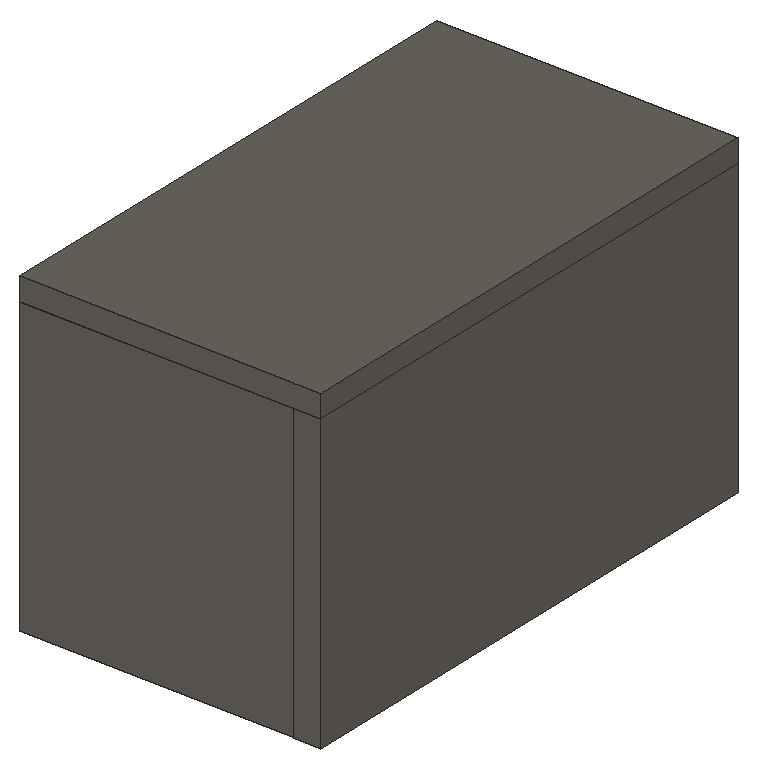
Revit family
Parameters (values of type "desk_5194")
  길이 = 1500 mm
  Wattage = 12.1178 W
  built-in parameter 1150110 = 1 (stored number, unit not read)
  built-in parameter 1114217 = 1 (stored number, unit not read)
  built-in parameter 1150109 = 1 (stored number, unit not read)
  built-in parameter 1150134 = 3
  built-in parameter 1150113 = 1 (stored number, unit not read)
  built-in parameter 1150105 = 143.24 (stored number, unit not read)
  Lumens = 1800 lm
  built-in parameter 1150115 = 1 (stored number, unit not read)
  Light Source Symbol Size = 700 mm
  built-in parameter 1150137 = (empty or 0)
  built-in parameter 1150139 = (empty or 0)
  built-in parameter 1150112 = 1 (stored number, unit not read)
  built-in parameter 1150114 = 1 (stored number, unit not read)
  built-in parameter 1150132 = 2
  built-in parameter 1150102 = (empty or 0)
  built-in parameter 1150107 = 3200 (stored number, unit not read)
  built-in parameter 1150138 = (empty or 0)
  built-in parameter 1150106 = 1.4324 (stored number, unit not read)
  built-in parameter 1150104 = 13.8 (stored number, unit not read)
  Dimming Lamp Color Temperature Shift = (empty or 0)
  Color Filter = 16777215
  built-in parameter 1114218 = 1 (stored number, unit not read)
  built-in parameter 1150133 = 10 (stored number, unit not read)
  Assembly Code = ""
Reference planes
  plane 1 "Light Source Axis (F/B)": y = 0
  plane 2: z = 0
  plane 3 "Light Source Axis (L/R)": x = 0
  plane 4 "Light Source Elevation": z = 1371.6
Forms (mm)
  Extrusion 1, solid, material "desk_m"
    sketch origin (0, 0, 0) x (1, 0, 0) y (0, 1, 0)
      loop
        line (-381.828, -750) -> (481.772, -750) -> (481.772, 750) -> (-381.828, 750) -> (-381.828, -750)
    from 848.456 to 914.4
  Extrusion 2, solid, material "desk_m"
    sketch origin (-15.875, 0, 0) x (1, 0, 0) y (0, 0, 1)
      loop
        line (497.684, 0) -> (497.684, 848.456) -> (421.484, 848.456) -> (421.484, 0) -> (497.684, 0)
    from -750 to 750
  Extrusion 3, solid, material "desk_m"
    sketch origin (0, 0, 0) x (1, 0, 0) y (0, 1, 0)
      loop
        line (-381.828, -750) -> (481.772, -750) -> (481.772, -669.014) -> (-381.828, -669.014) -> (-381.828, -750)
    from 0 to 848.456
  Extrusion 4, solid, material "desk_m"
    sketch origin (0, 1831.158, 0) x (1, 0, 0) y (0, 1, 0)
      loop
        line (-381.828, -1162.144) -> (481.772, -1162.144) -> (481.772, -1081.158) -> (-381.828, -1081.158) -> (-381.828, -1162.144)
    from 0 to 848.456
Dimensions and locks
  equal spacing: Extrusion 1, plane 1 "Light Source Axis (F/B)", Extrusion 1
  locked: Extrusion 4 to Extrusion 4 at 80.986
  "길이": Extrusion 1 to Extrusion 1
  locked: Extrusion 3 to Extrusion 3 at 80.986
  aligned and locked: plane 3 "Light Source Axis (L/R)" to imposter light
  aligned and locked: plane 1 "Light Source Axis (F/B)" to imposter light
  aligned and locked: plane 4 "Light Source Elevation" to imposter light
  aligned and locked: Extrusion 4 to Extrusion 1
  aligned and locked: Extrusion 2 to Extrusion 1
  aligned and locked: Extrusion 3 to Extrusion 1
  aligned and locked: Extrusion 1 to Extrusion 2
Automatic sketch dimensions
  Extrusion 1 sketch curve to plane 3 "Light Source Axis (L/R)" = 381.828 mm
  plane 3 "Light Source Axis (L/R)" to Extrusion 1 sketch curve = 481.772 mm
  plane 1 "Light Source Axis (F/B)" to Extrusion 1 sketch curve = 750 mm
  Extrusion 1 sketch curve to plane 1 "Light Source Axis (F/B)" = 750 mm
  Extrusion 2 sketch curve to level = 0 mm
  plane 3 "Light Source Axis (L/R)" to Extrusion 2 sketch curve = 405.609 mm
  Extrusion 2 sketch curve to Extrusion 2 sketch curve = 76.2 mm
  plane 4 "Light Source Elevation" to Extrusion 2 sketch curve = 523.144 mm
  Extrusion 3 sketch curve to plane 3 "Light Source Axis (L/R)" = 381.828 mm
  plane 3 "Light Source Axis (L/R)" to Extrusion 3 sketch curve = 481.772 mm
  plane 1 "Light Source Axis (F/B)" to Extrusion 3 sketch curve = 750 mm
  Extrusion 3 sketch curve to Extrusion 3 sketch curve = 80.986 mm
  Extrusion 4 sketch curve to plane 3 "Light Source Axis (L/R)" = 381.828 mm
  plane 3 "Light Source Axis (L/R)" to Extrusion 4 sketch curve = 481.772 mm
  Extrusion 4 sketch curve to plane 1 "Light Source Axis (F/B)" = 669.014 mm
  Extrusion 4 sketch curve to Extrusion 4 sketch curve = 80.986 mm
